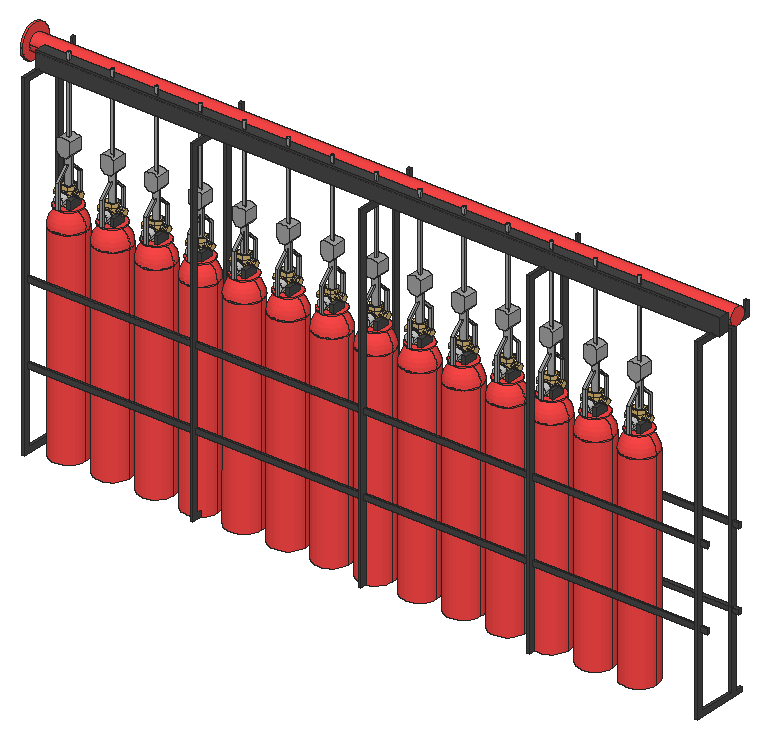
Revit family "Batería de cilindros pesaje continuo 80l en simple fila FK-5-1-12_Aguilera Extincion", category Equipos especializados, Revit 2019
Family settings
  Anfitrión = Suelo
  Cota de conector redondo = Radio de uso
  Tipo de pieza = Normal
  Número OmniClass = 23.65.20.14.24
  Título OmniClass = Other Gas Storage Vessels
  Siempre vertical = Sí
  Corte con vacíos al cargar = No
  Compartido = No
  Punto de cálculo de habitación = No
Parameters (values of type "Batería 14 cilindros FK-5-1-12 - 80 l")
  URL = "https://aguilera.es/?productos=sistemas-de-cilindros-de-6780-y-120l-con-pesaje-continuo-en-simple-fila"
  Símbolo texto = yes
  Símbolo = yes
  Rc2 = Radio colector * 2  # 127 mm
  Radio colector = Diámetro colector / 2  # 63.5 mm
  R = Diámetro / 2  # 133.5 mm
  Número soportes = 5
  Número de cilindros = 14
  Modelo = "AEX/FKBP080-14"
  Lt1 = Lt * 0.9  # 4907.7 mm
  Lt = 5453 mm
  Lci = D2 + 40 mm  # 380 mm
  Lcc = (Lt - 160 mm) / (Número soportes - 1)  # 1323.25 mm
  Lc = 340 mm  # constant formula
  Ht = Hc + Diámetro colector  # 2747 mm
  Fondo = 490 mm  # constant formula
  Fabricante = "Aguilera Extinción"  # constant formula
  Diámetro colector = 127 mm
  Descripción = "Batería formada con cilindros de 80 L. Fabricadas en acero tratado térmicamente sin soldadura (según Directiva Europea 84/525/CEE). Marcado π. Presión de trabajo 42 bar, presión de pruebas 250 bar, temperatura de servicio de -20 ºC a + 50 ºC. Grabadas y pintadas en color rojo (RAL 3002).\r\nEquipadas con:\r\n• Válvula de descarga. marcada CE según RD: 769/1999 Incluye:\r\n• Solenoide de disparo (Alimentación 24V y 500mA de consumo) (Cilindro piloto)\r\n• Actuador manual (Cilindro piloto).\r\n• Válvula de sobrepresión y disco de seguridad.\r\n• Válvula de alivio\r\n• Manómetro 42 bar con presostato. Certificado Vds\r\n• Latiguillos para el accionamiento neumático de disparo y latiguillos de descarga.\r\n• Colector de descarga (diámetro en función del cálculo hidráulico).\r\n• Válvulas retención.\r\n• Ensambladas en bastidor metálico con doble travesaño de fijación.\r\n• Los bastidores se fabrican para el montaje de cilindros en una o dos filas.\r\n• Sistema de pesaje continuo y bastidor metálico para su sujeción."  # constant formula
  Diámetro = 267 mm  # constant formula
  Hc = 2620 mm
  D2 = 340 mm  # constant formula
  D1 = Diámetro + 20 mm  # 287 mm
  Cilindro = Cilindros autonomos con pesaje continuo de 5 a 120l FK-5-1-12_Aguilera Extincion : Cilindro autónomo MH5112® (FK-5-1-12) - 80 l
Types (14, lengths in mm): name | Rc2 | Radio colector | Número soportes | Número de cilindros | Modelo | Lt1 | Lt | Lcc | Ht | Diámetro colector | Hc
  (no name) | 127 | 63.5 | 5 | 14 | "AEX/FKBP080-14" | 4907.7 | 5453 | 1323.25 | 2747 | 127 | 2620
  Batería 2 cilindros FK-5-1-12 - 80 l | 50.8 | 25.4 | 2 | 2 | "AEX/FKBP080-02" | 1155.6 | 1284 | 1124 | 2532.8 | 50.8 | 2482
  Batería 3 cilindros FK-5-1-12 - 80 l | 63.5 | 31.75 | 2 | 3 | "AEX/FKBP080-03" | 1476 | 1640 | 1480 | 2563.5 | 63.5 | 2500
  Batería 4 cilindros FK-5-1-12 - 80 l | 76.2 | 38.1 | 2 | 4 | "AEX/FKBP080-04" | 1782 | 1980 | 1820 | 2576.2 | 76.2 | 2500
  Batería 5 cilindros FK-5-1-12 - 80 l | 76.2 | 38.1 | 2 | 5 | "AEX/FKBP080-05" | 2116.8 | 2352 | 2192 | 2622.2 | 76.2 | 2546
  Batería 6 cilindros FK-5-1-12 - 80 l | 76.2 | 38.1 | 2 | 6 | "AEX/FKBP080-06" | 2422.8 | 2692 | 2532 | 2622.2 | 76.2 | 2546
  Batería 7 cilindros FK-5-1-12 - 80 l | 101.6 | 50.8 | 3 | 7 | "AEX/FKBP080-07" | 2728.8 | 3032 | 1436 | 2647.6 | 101.6 | 2546
  Batería 8 cilindros FK-5-1-12 - 80 l | 101.6 | 50.8 | 3 | 8 | "AEX/FKBP080-08" | 3057.3 | 3397 | 1618.5 | 2692.6 | 101.6 | 2591
  Batería 9 cilindros FK-5-1-12 - 80 l | 101.6 | 50.8 | 3 | 9 | "AEX/FKBP080-09" | 3363.3 | 3737 | 1788.5 | 2692.6 | 101.6 | 2591
  Batería 10 cilindros FK-5-1-12 - 80 l | 101.6 | 50.8 | 3 | 10 | "AEX/FKBP080-10" | 3669.3 | 4077 | 1958.5 | 2692.6 | 101.6 | 2591
  Batería 11 cilindros FK-5-1-12 - 80 l | 127 | 63.5 | 4 | 11 | "AEX/FKBP080-11" | 3989.7 | 4433 | 1424.333 | 2747 | 127 | 2620
  Batería 12 cilindros FK-5-1-12 - 80 l | 127 | 63.5 | 4 | 12 | "AEX/FKBP080-12" | 4295.7 | 4773 | 1537.667 | 2747 | 127 | 2620
  Batería 13 cilindros FK-5-1-12 - 80 l | 127 | 63.5 | 4 | 13 | "AEX/FKBP067-13" | 2619.99 | 2911.1 | 917.033 | 5240 | 127 | 5113
  Batería 14 cilindros FK-5-1-12 - 80 l | 127 | 63.5 | 5 | 14 | "AEX/FKBP080-14" | 4907.7 | 5453 | 1323.25 | 2747 | 127 | 2620
Reference planes
  plane 1 "Centro (Frontal/Posterior)": y = 0
  plane 2: z = 0
  plane 3 "Centro (Izquierda/Derecha)": x = 0
  plane 4: y = 133.5
  plane 5: z = 600
  plane 6: z = 1200
  plane 7: z = 1565
  plane 8: z = 1703.58
  plane 9: z = 1770
  plane 10: z = 2620
  plane 11: z = 2747
  plane 12: x = -600
  plane 13: x = 4853
  plane 14: y = 153.5
  plane 15: x = -440
  plane 16: y = 133.5
  plane 17: z = 2727
Forms (mm)
  Extrusion 1, solid, material "Acero rojo"
    sketch origin (0, 0, 0) x (0, 1, 0) y (0, 0, 1)
      loop
        circle (133.5, 2683.5) r 63.5
    from -600 to 4853
  Extrusion 2, solid, material "Acero rojo"
    sketch origin (0, 0, 0) x (0, 1, 0) y (0, 0, 1)
      loop
        circle (133.5, 2683.5) r 127
    from -600 to -582.73
  Extrusion 3, solid, material "Acero negro", detail levels fine
    sketch origin (-745.59, -6003.5, 600) x (-1, 0, 0) y (0, -1, 0)
      loop
        line (-5598.59, -5864.5) -> (-305.59, -5864.5) -> (-305.59, -5846.113) -> (-5598.59, -5846.113) -> (-5598.59, -5864.5)
    from 40 to 0
  Extrusion 4, solid, material "Acero negro", detail levels fine
    sketch origin (-745.59, -6003.5, 1200) x (-1, 0, 0) y (0, -1, 0)
      loop
        line (-5598.59, -5864.5) -> (-305.59, -5864.5) -> (-305.59, -5846.113) -> (-5598.59, -5846.113) -> (-5598.59, -5864.5)
    from 40 to 0
  Extrusion 5, solid, material "Acero negro", detail levels fine
    sketch origin (-745.59, -5683.5, 600) x (-1, 0, 0) y (0, -1, 0)
      loop
        line (-5598.59, -5854.5) -> (-305.59, -5854.5) -> (-305.59, -5834.5) -> (-5598.59, -5834.5) -> (-5598.59, -5854.5)
    from 40 to 0
  Extrusion 6, solid, material "Acero negro", detail levels fine
    sketch origin (-745.59, -5683.5, 1200) x (-1, 0, 0) y (0, -1, 0)
      loop
        line (-5598.59, -5854.5) -> (-305.59, -5854.5) -> (-305.59, -5834.5) -> (-5598.59, -5834.5) -> (-5598.59, -5854.5)
    from 40 to 0
  Extrusion 7, solid, material "Acero negro", detail levels fine
    sketch origin (-745.59, -5883.865, 2620) x (-1, 0, 0) y (0, -1, 0)
      loop
        line (-5598.59, -5925.118) -> (-305.59, -5925.118) -> (-305.59, -5842.613) -> (-5598.59, -5842.613) -> (-5598.59, -5925.118)
    from 127 to 0
Dimensions and locks
  plane 5 to plane 2 = 600 mm
  plane 6 to plane 2 = 1200 mm
  plane 9 to plane 2 = 1770 mm
  "Hc": plane 10 to plane 2
  locked: plane 9 to plane 8 at 66.42
  locked: plane 9 to plane 7 at 205
  "R": plane 1 "Centro (Frontal/Posterior)" to plane 4
  "Lt": plane 13 to plane 12
  "Ht": plane 11 to plane 2
  locked: plane 11 to plane 17 at 20
  "Ht": Extrusion 1 sketch curve to plane 2
  equal spacing: group 1, group 2, group 5, group 6, group 7, group 8, group 9, group 10, group 11, group 12, group 13, group 14, group 15, group 16  (x3)
  equal spacing: group 3, group 4, group 17, group 18, group 19  (x3)
  "Lcc": nested 5 to plane 15
  "Lci": nested 1 to plane 12
  equal spacing: plane 11, Extrusion 2 sketch curve, plane 10
  "Radio colector": radius of Extrusion 1 sketch curve
  "Rc2": radius of Extrusion 2 sketch curve
  aligned and locked: level to plane 2
  aligned and locked: Extrusion 1 to plane 12
  aligned and locked: plane 13 to Extrusion 1
  aligned and locked: Extrusion 2 to plane 12
  aligned and locked: Extrusion 3 sketch curve to plane 15
  aligned and locked: plane 13 to Extrusion 3 sketch curve
  aligned and locked: Extrusion 4 to plane 15
  aligned and locked: plane 13 to Extrusion 4
  aligned and locked: Extrusion 7 to plane 15
  aligned and locked: plane 13 to Extrusion 7
  aligned and locked: plane 11 to Extrusion 7
Automatic sketch dimensions
  plane 1 "Centro (Frontal/Posterior)" to Extrusion 3 sketch curve = 139 mm
  Extrusion 3 sketch curve to Extrusion 3 sketch curve = 18.387 mm
  Extrusion 4 sketch curve to plane 13 = 0 mm
  Extrusion 4 sketch curve to plane 15 = 0 mm
  plane 1 "Centro (Frontal/Posterior)" to Extrusion 4 sketch curve = 139 mm
  Extrusion 4 sketch curve to Extrusion 4 sketch curve = 18.387 mm
  plane 4 to Extrusion 5 sketch curve = 17.5 mm
  Extrusion 5 sketch curve to plane 13 = 0 mm
  Extrusion 5 sketch curve to plane 15 = 0 mm
  plane 14 to Extrusion 5 sketch curve = 17.5 mm
  plane 4 to Extrusion 6 sketch curve = 17.5 mm
  Extrusion 6 sketch curve to plane 13 = 0 mm
  Extrusion 6 sketch curve to plane 15 = 0 mm
  plane 14 to Extrusion 6 sketch curve = 17.5 mm
  plane 13 to Extrusion 7 sketch curve = 0 mm
  plane 15 to Extrusion 7 sketch curve = 0 mm
  Extrusion 7 sketch curve to plane 1 "Centro (Frontal/Posterior)" = 41.252 mm
  Extrusion 7 sketch curve to Extrusion 7 sketch curve = 82.504 mm
  Extrusion 1 sketch curve to plane 4 = 0 mm
  Extrusion 2 sketch curve to plane 4 = 0 mm
Nested families
  nested 1: "Cilindros autonomos con pesaje continuo de 5 a 120l FK-5-1-12_Aguilera Extincion" at (-220, 0, 0), type <- "Cilindro", type "Cilindro autónomo MH5112® (FK-5-1-12) - 80 l"
    with Soporte no
  nested 2: "Cilindros autonomos con pesaje continuo de 5 a 120l FK-5-1-12_Aguilera Extincion" at (120, 0, 0), type <- "Cilindro", type "Cilindro autónomo MH5112® (FK-5-1-12) - 80 l"
    with Soporte no
  nested 3: "S_Cilindros_Aguilera Extinción" at (0, 0, 0), visible <- "Símbolo", type "S_Cilindros_Aguilera Extinción", detail levels coarse
  nested 4: "Soporte suelo - pesaje" at (-440, 7.5, 0), type "Soporte suelo - pesaje"
    with Ht 2620 mm, D 287 mm
  nested 5: "Soporte suelo - pesaje" at (863.25, 7.5, 0), type "Soporte suelo - pesaje"
    with Ht 2620 mm, D 287 mm
  nested 6: "Cilindros autonomos con pesaje continuo de 5 a 120l FK-5-1-12_Aguilera Extincion" at (460, 0, 0), type <- "Cilindro", type "Cilindro autónomo MH5112® (FK-5-1-12) - 80 l"
    with Soporte no
  nested 7: "Cilindros autonomos con pesaje continuo de 5 a 120l FK-5-1-12_Aguilera Extincion" at (800, 0, 0), type <- "Cilindro", type "Cilindro autónomo MH5112® (FK-5-1-12) - 80 l"
    with Soporte no
  nested 8: "Cilindros autonomos con pesaje continuo de 5 a 120l FK-5-1-12_Aguilera Extincion" at (1140, 0, 0), type <- "Cilindro", type "Cilindro autónomo MH5112® (FK-5-1-12) - 80 l"
    with Soporte no
  nested 9: "Cilindros autonomos con pesaje continuo de 5 a 120l FK-5-1-12_Aguilera Extincion" at (1480, 0, 0), type <- "Cilindro", type "Cilindro autónomo MH5112® (FK-5-1-12) - 80 l"
    with Soporte no
  nested 10: "Cilindros autonomos con pesaje continuo de 5 a 120l FK-5-1-12_Aguilera Extincion" at (1820, 0, 0), type <- "Cilindro", type "Cilindro autónomo MH5112® (FK-5-1-12) - 80 l"
    with Soporte no
  nested 11: "Cilindros autonomos con pesaje continuo de 5 a 120l FK-5-1-12_Aguilera Extincion" at (2160, 0, 0), type <- "Cilindro", type "Cilindro autónomo MH5112® (FK-5-1-12) - 80 l"
    with Soporte no
  nested 12: "Cilindros autonomos con pesaje continuo de 5 a 120l FK-5-1-12_Aguilera Extincion" at (2500, 0, 0), type <- "Cilindro", type "Cilindro autónomo MH5112® (FK-5-1-12) - 80 l"
    with Soporte no
  nested 13: "Cilindros autonomos con pesaje continuo de 5 a 120l FK-5-1-12_Aguilera Extincion" at (2840, 0, 0), type <- "Cilindro", type "Cilindro autónomo MH5112® (FK-5-1-12) - 80 l"
    with Soporte no
  nested 14: "Cilindros autonomos con pesaje continuo de 5 a 120l FK-5-1-12_Aguilera Extincion" at (3180, 0, 0), type <- "Cilindro", type "Cilindro autónomo MH5112® (FK-5-1-12) - 80 l"
    with Soporte no
  nested 15: "Cilindros autonomos con pesaje continuo de 5 a 120l FK-5-1-12_Aguilera Extincion" at (3520, 0, 0), type <- "Cilindro", type "Cilindro autónomo MH5112® (FK-5-1-12) - 80 l"
    with Soporte no
  nested 16: "Cilindros autonomos con pesaje continuo de 5 a 120l FK-5-1-12_Aguilera Extincion" at (3860, 0, 0), type <- "Cilindro", type "Cilindro autónomo MH5112® (FK-5-1-12) - 80 l"
    with Soporte no
  nested 17: "Cilindros autonomos con pesaje continuo de 5 a 120l FK-5-1-12_Aguilera Extincion" at (4200, 0, 0), type <- "Cilindro", type "Cilindro autónomo MH5112® (FK-5-1-12) - 80 l"
    with Soporte no
  nested 18: "Soporte suelo - pesaje" at (2166.5, 7.5, 0), type "Soporte suelo - pesaje"
    with Ht 2620 mm, D 287 mm
  nested 19: "Soporte suelo - pesaje" at (3469.75, 7.5, 0), type "Soporte suelo - pesaje"
    with Ht 2620 mm, D 287 mm
  nested 20: "Soporte suelo - pesaje" at (4773, 7.5, 0), type "Soporte suelo - pesaje"
    with Ht 2620 mm, D 287 mm
Connectors
  piping at (-600, 133.5, 2683.5), diameter 127, driven by "Radio colector"
    settings: on Extrusion 1, index 1, connector inside diameter 609.6 mm, connector length 0 mm, flow factor 0, pipe flow 0.0 L/s, pressure drop 0.0 Pa, fitting loss kfactor 0, connector angle 0.00°, fixture units 0, engagement length 0 mm, angle of deflection 0.00°, flow configuration 0, flow direction 0, fitting loss method 0, system type 28, joint type 0, gender type 0, connector reference index -1, connector utility 0, adjustable connector no, is connector primary yes, connector description ""
Definition of nested family "Cilindros autonomos con pesaje continuo de 5 a 120l FK-5-1-12_Aguilera Extincion"
  Parameters (values of type "Cilindro autónomo MH5112® (FK-5-1-12) - 120 l")
    URL = "https://aguilera.es/?productos=botellas-autonomas-de-14-a-345-l"
    Símbolo texto = yes
    Símbolo = yes
    Soporte = yes
    R3 = 21.9 mm
    R = Diámetro / 2  # 177.277 mm
    Model = "AEX/FK120"
    L1 = 536 mm
    Hd = 1700 mm
    H2 = 850 mm
    Manufacturer = "Aguilera Extinción"  # constant formula
    Description = "Cilindro de alta presión, fabricado en acero aleado tratado térmicamente sin soldadura (según Directiva Europea 84/525/CEE). Marcado π Presión de trabajo de 42 y 50 bar, presión de pruebas 250 bar, temperatura de servicio de -20ºC a +50ºC, grabados y pintados en color rojo (RAL 3002).\r\nEquipado con:\r\n• Válvula de descarga. Marcada CE según RD: 769/1999. Incluye:\r\n• Solenoide de disparo. (Alimentación 24V y 500mA de consumo)\r\n• Válvula de sobrepresión y disco de seguridad.\r\n• Válvula de alivio.\r\n• Manómetro 42 bar con presostato. Certificado Vds\r\n• Actuador manual\r\n• Herrajes de fijación.\r\n• Brida y caperuza protectora de la válvula y sus accesorios."  # constant formula
    Diámetro = 354.555 mm
    H = 1780 mm
    Aux_R = R / 2  # 88.639 mm
  Types (8, lengths in mm): name | R | Model | L1 | Hd | H2 | Diámetro | H | Aux_R
    (no name) | 177.277 | "AEX/FK120" | 536 | 1700 | 850 | 354.555 | 1780 | 88.639
    Cilindro autónomo MH5112® (FK-5-1-12) - 80 l | 133.5 | "AEX/FK080" | 402 | 1800 | 900 | 267 | 1880 | 66.75
    Cilindro autónomo MH5112® (FK-5-1-12) - 120 l | 177.277 | "AEX/FK120" | 536 | 1700 | 850 | 354.555 | 1780 | 88.639
    Cilindro autónomo MH5112® (FK-5-1-12) - 67 l | 133.5 | "AEX/FK067" | 402 | 1600 | 800 | 267 | 1680 | 66.75
    Cilindro autónomo MH5112® (FK-5-1-12) - 40,2 l | 114.5 | "AEX/FK040" | 364 | 1300 | 650 | 229 | 1380 | 57.25
    Cilindro autónomo MH5112® (FK-5-1-12) - 26,8 l | 146.623 | "AEX/FK026" | 364 | 1000 | 500 | 293.247 | 1080 | 73.312
    Cilindro autónomo MH5112® (FK-5-1-12) - 13,4 l | 70 | "AEX/FK013" | 274 | 1100 | 550 | 140 | 1180 | 35
    Cilindro autónomo MH5112® (FK-5-1-12) - 5 l | 70 | "AEX/FK005" | 274 | 500 | 250 | 140 | 580 | 35
  Reference planes
    plane 1 "Centro (Frontal/Posterior)": y = 0
    plane 2: z = 0
    plane 3 "Centro (Izquierda/Derecha)": x = 0
    plane 4: y = 177.277
    plane 5: z = 850
    plane 6: z = 1495
    plane 7: z = 1633.58
    plane 8: z = 1700
    plane 9: z = 1780
    plane 10: x = -100
    plane 11: x = -177.277
    plane 12: x = 177.277
    plane 13: x = -177.277
    plane 14: x = 177.277
    plane 15: x = -40
  Forms (mm)
    Extrusion 1, solid, detail levels medium+fine
      sketch origin (0, 0, 0) x (1, 0, 0) y (0, 1, 0)
        loop
          circle (0, 0) r 177.277
      from 0 to 1495
    Extrusion 2, solid, detail levels medium+fine
      sketch origin (-745.59, -6000, 1633.58) x (-1, 0, 0) y (0, -1, 0)
        loop
          circle (-745.59, -6000) r 40
      from 0 to 146.42
    Extrusion 3, solid, detail levels medium+fine
      sketch origin (-70, 0, 0) x (0, -1, 0) y (0, 0, 1)
        loop
          circle (0, 1700) r 25
      from -117.506 to -12.56
    Revolve 4, solid, detail levels medium+fine
      sketch origin (0, 0, 0) x (1, 0, 0) y (0, 0, 1)
        loop
          line (0, 1633.58) -> (-40, 1633.58)
          arc (-40, 1633.58) -> (-137.098, 1593.066) -> (-177.277, 1495.829) r 137.752
          line (-177.277, 1495.829) -> (-177.277, 1495) -> (0, 1495) -> (0, 1633.58)
        axis (0, 1633.58) -> (0, 1495)
      angle from 0 to 360
    Extrusion 5, solid, visible <- "Soporte", detail levels fine
      sketch origin (-745.59, -6000, 850) x (-1, 0, 0) y (0, -1, 0)
        loop
          line (-500.812, -6197.277) -> (-500.812, -6177.277) -> (-566.312, -6177.277) -> (-566.312, -6000)
          arc (-566.312, -6000) -> (-745.59, -5820.723) -> (-924.867, -6000) r 179.277
          line (-924.867, -6000) -> (-924.867, -6177.277) -> (-990.367, -6177.277) -> (-990.367, -6197.277) -> (-500.812, -6197.277)
        loop
          arc (-568.312, -6000) -> (-745.59, -5822.723) -> (-922.867, -6000) r 177.277
          line (-922.867, -6000) -> (-922.867, -6177.277) -> (-568.312, -6177.277) -> (-568.312, -6000)
      from 20 to -20
    Extrusion 6, solid, detail levels fine
      sketch origin (-745.59, -6000, 1633.58) x (-1, 0, 0) y (0, -1, 0)
        loop
          circle (-745.59, -6000) r 100
      from 0 to 5.101
    Extrusion 7, solid, detail levels medium+fine
      sketch origin (-745.59, -6000, 1780) x (-1, 0, 0) y (0, -1, 0)
        loop
          line (-769.342, -6041.141) -> (-721.837, -6041.141) -> (-698.084, -6000) -> (-721.837, -5958.859) -> (-769.342, -5958.859) -> (-793.095, -6000) -> (-769.342, -6041.141)
      from 0 to -30.23
    Extrusion 8, solid, detail levels medium+fine
      sketch origin (0.001, -69.978, 0) x (1, 0.000332, 0) y (0, 0, 1)
        loop
          circle (0, 1700) r 35
      from -70 to -28.863
    Extrusion 9, solid, detail levels medium+fine
      sketch origin (-145, 0, 0) x (0, -1, 0) y (0, 0, 1)
        loop
          circle (0, 1700) r 20
        loop
          circle (0, 1700) r 15
      from -87.56 to -45
    Extrusion 10, solid, detail levels medium+fine
      sketch origin (0.001, -127.334, 0) x (1, 0.000332, 0) y (0, 0, 1)
        loop
          circle (0, 1700) r 30
      from -86.218 to -73.878
    Extrusion 11, solid, detail levels medium+fine
      sketch origin (0.001, -157.335, 0) x (1, 0.000332, 0) y (0, 0, 1)
        loop
          circle (0, 1700) r 35
      from -103.928 to -58.906
    Extrusion 12, solid, detail levels fine
      sketch origin (-27.334, -0.23, 26.684) x (0.000332, -1, 0) y (0, 0, 1)
        loop
          circle (-0.222, 1705.463) r 15
      from -108.689 to -58.467
    Extrusion 13, solid, detail levels fine
      sketch origin (146.623, 655.396, 4006.684) x (0, 1, 0) y (0, 0, 1)
        loop
          line (-666.922, -2254.537) -> (-678.469, -2274.537) -> (-666.922, -2294.537) -> (-643.828, -2294.537) -> (-632.281, -2274.537) -> (-643.828, -2254.537) -> (-666.922, -2254.537)
      from -98.997 to -83.977
    Extrusion 14, solid, detail levels fine
      sketch origin (146.623, 655.396, 4006.684) x (0, 1, 0) y (0, 0, 1)
        loop
          line (-666.922, -2254.537) -> (-678.469, -2274.537) -> (-666.922, -2294.537) -> (-643.828, -2294.537) -> (-632.281, -2274.537) -> (-643.828, -2254.537) -> (-666.922, -2254.537)
      from -65.269 to -49.269
    Extrusion 15, solid, detail levels fine
      sketch origin (-100, 837.763, 4000) x (0, 1, 0) y (0, 0, 1)
        loop
          line (-820.012, -2283.976) -> (-917.735, -2283.976) -> (-917.735, -2343.976) -> (-820.012, -2343.976) -> (-820.012, -2283.976)
      from 147.506 to 176.533
    Extrusion 16, solid, detail levels fine
      sketch origin (0.458, 0, 109.909) x (0, -1, 0) y (0, 0, 1)
        loop
          line (-109.5, 1533.58) -> (-99.5, 1533.58) -> (-99.5, 1719.44) -> (0, 1818.94) -> (99.5, 1719.44) -> (99.5, 1533.58) -> (109.5, 1533.58) -> (109.5, 1723.598) -> (0, 1833.089) -> (-109.5, 1723.58) -> (-109.5, 1533.58)
      from -10 to 10
    Revolve 17, solid, detail levels fine
      sketch origin (0, 0, 109.909) x (1, 0, 0) y (0, 0, 1)
        loop
          line (-0.458, 1670.091) -> (-0.458, 1871.932) -> (-22.358, 1871.932) -> (-22.358, 1670.091) -> (-0.458, 1670.091)
        axis (0, 1670.091) -> (0, 1871.932)
      angle from 0 to 360
    Extrusion 18, solid, detail levels fine
      sketch origin (0.458, 0, 109.909) x (1, 0, 0) y (0, 0, 1)
        loop
          line (-22.358, 1871.932) -> (22.358, 1871.932) -> (50.643, 1900.216) -> (50.643, 1990.216)
          arc (50.643, 1990.216) -> (0, 2004.288) -> (-50.643, 1990.216) r 98.162
          line (-50.643, 1990.216) -> (-50.643, 1900.216) -> (-22.358, 1871.932)
      from -50 to 50
    Revolve 19, solid, detail levels fine
      sketch origin (0.458, 0, 109.909) x (1, 0, 0) y (0, 0, 1)
        loop
          line (0, 1932.562) -> (0, 2585.441) -> (-10, 2585.441) -> (-10, 1932.562) -> (0, 1932.562)
        axis (0, 1932.562) -> (0, 2585.441)
      angle from 0 to 360
    Extrusion 20, solid, not visible, detail levels fine
      sketch origin (0.458, 0, 110) x (0, -1, 0) y (0, 0, 1)
        loop
          line (-109.5, 1533.58) -> (-99.5, 1533.58) -> (-99.5, 1719.44) -> (0, 1818.94) -> (99.5, 1719.44) -> (99.5, 1533.58) -> (109.5, 1533.58) -> (109.5, 1723.598) -> (0, 1833.089) -> (-109.5, 1723.58) -> (-109.5, 1533.58)
      from -10 to 10
    Revolve 21, solid, not visible, detail levels fine
      sketch origin (0, 0, 110) x (1, 0, 0) y (0, 0, 1)
        loop
          line (-0.458, 1670.091) -> (-0.458, 1871.932) -> (-22.358, 1871.932) -> (-22.358, 1670.091) -> (-0.458, 1670.091)
        axis (0, 1670.091) -> (0, 1871.932)
      angle from 0 to 360
    Extrusion 22, solid, not visible, detail levels fine
      sketch origin (0.458, 0, 110) x (1, 0, 0) y (0, 0, 1)
        loop
          line (-22.358, 1871.932) -> (22.358, 1871.932) -> (50.643, 1900.216) -> (50.643, 1990.216)
          arc (50.643, 1990.216) -> (0, 2004.288) -> (-50.643, 1990.216) r 98.162
          line (-50.643, 1990.216) -> (-50.643, 1900.216) -> (-22.358, 1871.932)
      from -50 to 50
    Revolve 23, solid, not visible, detail levels fine
      sketch origin (0.458, 0, 110) x (1, 0, 0) y (0, 0, 1)
        loop
          line (0, 1932.562) -> (0, 2585.441) -> (-10, 2585.441) -> (-10, 1932.562) -> (0, 1932.562)
        axis (0, 1932.562) -> (0, 2585.441)
      angle from 0 to 360
  Lines and regions (mm)
    symbolic lines
      curve 1: line (0, 217.277, 0) -> (0, 177.277, 0)
      curve 2: line (-25, 197.277, 0) -> (25, 197.277, 0)
      curve 3: circle (0, 197.277, 0) r 15 normal (0, 0, 1)
  Dimensions and locks
    "H2": plane 5 to plane 2
    "Hd": plane 8 to plane 2
    "H": plane 9 to plane 2
    locked: plane 10 to plane 3 "Centro (Izquierda/Derecha)" at 100
    equal spacing: plane 11, plane 3 "Centro (Izquierda/Derecha)", plane 12
    "Diámetro": plane 11 to plane 12
    locked: plane 8 to plane 7 at 66.42
    locked: plane 8 to plane 6 at 205
    "R": plane 1 "Centro (Frontal/Posterior)" to plane 4
    equal spacing: plane 13, plane 3 "Centro (Izquierda/Derecha)", plane 14
    "Diámetro": plane 13 to plane 14
    equal spacing: Extrusion 5 sketch curve, plane 3 "Centro (Izquierda/Derecha)", Extrusion 5 sketch curve
    "R": Revolve 4 sketch curve to Revolve 4 sketch curve
    locked: Revolve 4 sketch curve to Revolve 4 sketch curve at 0.829
    locked: Extrusion 16 sketch curve to Extrusion 16 sketch curve at 10  (x2)
    "R3": Revolve 17 sketch curve to Revolve 17 sketch curve
    locked: Extrusion 20 sketch curve to Extrusion 20 sketch curve at 10  (x2)
    "R3": Revolve 21 sketch curve to Revolve 21 sketch curve
    locked: Revolve 17 to plane 9 at 0
    "Diámetro": diameter of Extrusion 1 sketch curve
    aligned and locked: level to plane 2
    aligned and locked: plane 6 to Extrusion 1
    aligned and locked: plane 9 to Extrusion 2
    aligned and locked: Extrusion 2 to plane 7
    aligned and locked: Revolve 4 sketch curve to plane 3 "Centro (Izquierda/Derecha)"  (x2)
    aligned and locked: Extrusion 5 sketch curve to Extrusion 5 sketch curve  (x2)
    aligned and locked: Extrusion 5 sketch curve to plane 4
    aligned and locked: Extrusion 5 sketch curve to plane 14
    aligned and locked: Extrusion 5 sketch curve to plane 13
    aligned and locked: Revolve 4 sketch curve to plane 6
    aligned and locked: plane 15 to Extrusion 2
    aligned and locked: plane 15 to Revolve 4 sketch curve
    aligned and locked: Extrusion 9 to plane 10
    aligned and locked: Extrusion 15 to Extrusion 3
    aligned and locked: Revolve 17 to Extrusion 18 sketch curve
    aligned and locked: Revolve 21 to Extrusion 22 sketch curve
  Automatic sketch dimensions
    curve 1 to plane 3 "Centro (Izquierda/Derecha)" = 0 mm
    curve 3 to plane 3 "Centro (Izquierda/Derecha)" = 0 mm
    curve 1 to plane 4 = 0 mm
    curve 1 to curve 3 = 20 mm
    curve 2 to plane 3 "Centro (Izquierda/Derecha)" = 25 mm
    plane 3 "Centro (Izquierda/Derecha)" to curve 2 = 25 mm
    plane 4 to curve 2 = 20 mm
    curve 3 to curve 1 = 20 mm
    plane 1 "Centro (Frontal/Posterior)" to Extrusion 2 sketch curve = 0 mm
    Extrusion 2 sketch curve to plane 3 "Centro (Izquierda/Derecha)" = 0 mm
    Extrusion 3 sketch curve to plane 1 "Centro (Frontal/Posterior)" = 0 mm
    Extrusion 3 sketch curve to plane 8 = 0 mm
    plane 1 "Centro (Frontal/Posterior)" to Extrusion 6 sketch curve = 0 mm
    Extrusion 6 sketch curve to plane 3 "Centro (Izquierda/Derecha)" = 0 mm
    plane 1 "Centro (Frontal/Posterior)" to Extrusion 7 sketch curve = 0 mm  (x2)
    plane 3 "Centro (Izquierda/Derecha)" to Extrusion 7 sketch curve = 47.506 mm
    plane 3 "Centro (Izquierda/Derecha)" to Extrusion 7 sketch curve = 23.753 mm  (x2)
    Extrusion 7 sketch curve to plane 3 "Centro (Izquierda/Derecha)" = 23.753 mm  (x2)
    Extrusion 7 sketch curve to Extrusion 7 sketch curve = 23.753 mm
    Extrusion 7 sketch curve to plane 1 "Centro (Frontal/Posterior)" = 41.141 mm
    plane 1 "Centro (Frontal/Posterior)" to Extrusion 7 sketch curve = 41.141 mm
    Extrusion 8 sketch curve to plane 8 = 0 mm
    Extrusion 9 sketch curve to Extrusion 9 sketch curve = 0 mm  (x2)
    Extrusion 9 sketch curve to plane 1 "Centro (Frontal/Posterior)" = 0 mm
    Extrusion 9 sketch curve to plane 8 = 0 mm
    Extrusion 10 sketch curve to plane 8 = 0 mm
    Extrusion 11 sketch curve to plane 8 = 0 mm
    plane 8 to Extrusion 12 sketch curve = 32.147 mm
    plane 1 "Centro (Frontal/Posterior)" to Extrusion 13 sketch curve = 23.073 mm
    plane 1 "Centro (Frontal/Posterior)" to Extrusion 13 sketch curve = 11.526 mm  (x2)
    Extrusion 13 sketch curve to plane 1 "Centro (Frontal/Posterior)" = 11.568 mm  (x2)
    Extrusion 13 sketch curve to Extrusion 13 sketch curve = 11.547 mm
    plane 8 to Extrusion 13 sketch curve = 12.147 mm
    Extrusion 13 sketch curve to Extrusion 13 sketch curve = 20 mm  (x3)
    plane 1 "Centro (Frontal/Posterior)" to Extrusion 14 sketch curve = 23.073 mm
    plane 1 "Centro (Frontal/Posterior)" to Extrusion 14 sketch curve = 11.526 mm  (x2)
    Extrusion 14 sketch curve to plane 1 "Centro (Frontal/Posterior)" = 11.568 mm  (x2)
    Extrusion 14 sketch curve to Extrusion 14 sketch curve = 11.547 mm
    plane 8 to Extrusion 14 sketch curve = 12.147 mm
    Extrusion 14 sketch curve to Extrusion 14 sketch curve = 20 mm  (x3)
    plane 8 to Extrusion 15 sketch curve = 16.024 mm
    plane 1 "Centro (Frontal/Posterior)" to Extrusion 15 sketch curve = 79.972 mm
    Extrusion 15 sketch curve to plane 1 "Centro (Frontal/Posterior)" = 17.752 mm
    plane 7 to Extrusion 15 sketch curve = 22.444 mm
    Revolve 17 sketch curve to Revolve 17 sketch curve = 201.841 mm
    Revolve 17 sketch curve to Revolve 17 sketch curve = 93.068 mm
    Extrusion 18 sketch curve to Extrusion 18 sketch curve = 28.284 mm  (x4)
    Extrusion 18 sketch curve to Extrusion 18 sketch curve = 34.194 mm
    Extrusion 18 sketch curve to Extrusion 18 sketch curve = 90 mm
    Revolve 19 sketch curve to Revolve 19 sketch curve = 652.879 mm
    Revolve 19 sketch curve to Revolve 19 sketch curve = 78.622 mm
    Revolve 19 sketch curve to Revolve 19 sketch curve = 191.501 mm
    Revolve 17 sketch curve to Revolve 17 sketch curve = 0.458 mm
    Revolve 17 sketch curve to Revolve 17 sketch curve = 10.091 mm
    Extrusion 18 sketch curve to Extrusion 18 sketch curve = 22.358 mm  (x2)
    Revolve 19 sketch curve to Revolve 19 sketch curve = 10 mm
    Revolve 19 sketch curve to Revolve 19 sketch curve = 0 mm
    Revolve 21 sketch curve to Revolve 21 sketch curve = 201.841 mm
    Revolve 21 sketch curve to Revolve 21 sketch curve = 93.068 mm
    Extrusion 22 sketch curve to Extrusion 22 sketch curve = 28.284 mm  (x4)
    Extrusion 22 sketch curve to Extrusion 22 sketch curve = 34.194 mm
    Extrusion 22 sketch curve to Extrusion 22 sketch curve = 90 mm
    Revolve 23 sketch curve to Revolve 23 sketch curve = 652.879 mm
    Revolve 23 sketch curve to Revolve 23 sketch curve = 78.622 mm
    Revolve 23 sketch curve to Revolve 23 sketch curve = 191.501 mm
    Revolve 21 sketch curve to Revolve 21 sketch curve = 0.458 mm
    Revolve 21 sketch curve to Revolve 21 sketch curve = 10.091 mm
    Extrusion 22 sketch curve to Extrusion 22 sketch curve = 22.358 mm  (x2)
    Revolve 23 sketch curve to Revolve 23 sketch curve = 10 mm
    Revolve 23 sketch curve to Revolve 23 sketch curve = 0 mm
    Extrusion 16 sketch curve to Extrusion 16 sketch curve = 99.5 mm  (x2)
    Extrusion 16 sketch curve to Extrusion 16 sketch curve = 0 mm  (x2)
    Extrusion 16 sketch curve to Extrusion 16 sketch curve = 185.86 mm  (x2)
    Extrusion 16 sketch curve to Extrusion 16 sketch curve = 4.139 mm
    Extrusion 16 sketch curve to Extrusion 16 sketch curve = 4.157 mm
    Extrusion 20 sketch curve to Extrusion 20 sketch curve = 99.5 mm  (x2)
    Extrusion 20 sketch curve to Extrusion 20 sketch curve = 0 mm  (x2)
    Extrusion 20 sketch curve to Extrusion 20 sketch curve = 185.86 mm  (x2)
    Extrusion 20 sketch curve to Extrusion 20 sketch curve = 4.139 mm
    Extrusion 20 sketch curve to Extrusion 20 sketch curve = 4.157 mm
    plane 1 "Centro (Frontal/Posterior)" to Extrusion 1 sketch curve = 0 mm
    Extrusion 1 sketch curve to plane 3 "Centro (Izquierda/Derecha)" = 0 mm
    Revolve 4 sketch curve to plane 7 = 0 mm
    plane 5 to Revolve 4 sketch curve = 8.628 mm
    Revolve 4 sketch curve to plane 8 = 6 mm
    Extrusion 5 sketch curve to Extrusion 5 sketch curve = 0 mm  (x2)
    plane 1 "Centro (Frontal/Posterior)" to Extrusion 5 sketch curve = 0 mm
    Extrusion 5 sketch curve to plane 14 = 2 mm
    Extrusion 5 sketch curve to Extrusion 5 sketch curve = 65.5 mm
    Extrusion 5 sketch curve to Extrusion 5 sketch curve = 20 mm
    radius of curve 3 = 15 mm
    radius of Extrusion 2 sketch curve = 40 mm
    radius of Extrusion 3 sketch curve = 25 mm
    radius of Extrusion 6 sketch curve = 100 mm
    radius of Extrusion 8 sketch curve = 35 mm
    radius of Extrusion 9 sketch curve = 20 mm
    radius of Extrusion 9 sketch curve = 15 mm
    radius of Extrusion 10 sketch curve = 30 mm
    radius of Extrusion 11 sketch curve = 35 mm
    radius of Extrusion 12 sketch curve = 15 mm
  Nested families
    nested 1: "S_Cilindro_Aguilera Extinción" at (0, 0, 0), visible <- "Símbolo", type "S_Cilindro_Aguilera Extinción", detail levels coarse
  Definition of nested family "S_Cilindro_Aguilera Extinción"
    Parameters (values of type "S_Cilindro_Aguilera Extinción")
      Texto símbolo = "Cilindros"
      Texto modelo = yes
      Modelo = "Cilindros"
    Reference planes
      plane 1: y = 0
      plane 2: x = 0
    Lines and regions (mm)
      detail lines
        curve 1: line (-1.703, -1.659, 0) -> (1.659, -1.659, 0)
        curve 2: line (-1.703, 1.659, 0) -> (-1.703, -1.659, 0)
        curve 3: line (1.659, 1.659, 0) -> (-1.703, 1.659, 0)
        curve 4: line (1.659, -1.659, 0) -> (1.659, 1.659, 0)
        curve 5: circle (0, 0, 0) r 1.659 normal (0, 0, 1)
    Text (mm)
      label "Texto símbolo" at (-0.164, 3.111, 0), shows "Texto símbolo"
      label "Modelo" at (-0.164, -2.652, 0), shows "Modelo", visible <- "Texto modelo"
Definition of nested family "Soporte suelo - pesaje"
  Parameters (values of type "Soporte suelo - pesaje")
    L1 = 490 mm
    Ht = 2057 mm
    D = 292 mm
  Reference planes
    plane 1 "Centro (Frontal/Posterior)": y = 0
    plane 2: z = 0
    plane 3 "Centro (Izquierda/Derecha)": x = 0
    plane 4: z = 2057
    plane 5: y = -146
    plane 6: y = -186
    plane 7: z = 2017
    plane 8: z = 40
    plane 9: y = 186
    plane 10: y = 146
    plane 11: y = 304
    plane 12: y = 245
  Forms (mm)
    Extrusion 1, solid, detail levels medium+fine
      sketch origin (0, 0, 0) x (0, 1, 0) y (0, 0, 1)
        loop
          line (245, 0) -> (245, 40) -> (186, 40) -> (186, 2017) -> (304, 2017) -> (304, 2132) -> (284, 2132) -> (284, 2057) -> (-186, 2057) -> (-186, 0) -> (245, 0)
        loop
          line (146, 40) -> (146, 2017) -> (-146, 2017) -> (-146, 40) -> (146, 40)
      from 0 to 20
  Lines and regions (mm)
    symbolic lines
      curve 1: line (0, 142.5, 0) -> (0, 102.5, 0)
      curve 2: line (-25, 122.5, 0) -> (25, 122.5, 0)
      curve 3: circle (0, 122.5, 0) r 15 normal (0, 0, 1)
  Dimensions and locks
    "Ht": plane 4 to plane 2
    locked: plane 8 to plane 2 at 40
    locked: plane 4 to plane 7 at 40
    "D": plane 10 to plane 5
    locked: plane 9 to plane 10 at 40
    locked: plane 5 to plane 6 at 40
    equal spacing: plane 10, plane 1 "Centro (Frontal/Posterior)", plane 5
    "L1": plane 11 to plane 6
    equal spacing: plane 11, plane 12, plane 9
    aligned and locked: level to plane 2
    aligned and locked: level to Extrusion 1 sketch curve
    aligned and locked: Extrusion 1 sketch curve to plane 6
    aligned and locked: Extrusion 1 sketch curve to plane 4
    aligned and locked: Extrusion 1 sketch curve to plane 8  (x2)
    aligned and locked: Extrusion 1 sketch curve to plane 5
    aligned and locked: plane 7 to Extrusion 1 sketch curve
    aligned and locked: Extrusion 1 sketch curve to plane 10
    aligned and locked: Extrusion 1 sketch curve to plane 9
    aligned and locked: Extrusion 1 sketch curve to plane 7
    aligned and locked: plane 11 to Extrusion 1 sketch curve
    aligned and locked: plane 12 to Extrusion 1 sketch curve
  Automatic sketch dimensions
    curve 2 to plane 1 "Centro (Frontal/Posterior)" = 122.5 mm
    curve 3 to plane 1 "Centro (Frontal/Posterior)" = 122.5 mm
    curve 3 to plane 3 "Centro (Izquierda/Derecha)" = 0 mm
    curve 1 to curve 3 = 0 mm
    curve 2 to curve 3 = 25 mm
    curve 3 to curve 2 = 25 mm
    curve 1 to plane 1 "Centro (Frontal/Posterior)" = 102.5 mm
    curve 1 to plane 1 "Centro (Frontal/Posterior)" = 142.5 mm
    plane 11 to Extrusion 1 sketch curve = 20 mm
    plane 4 to Extrusion 1 sketch curve = 75 mm
    radius of curve 3 = 15 mm
Definition of nested family "S_Cilindros_Aguilera Extinción"
  Parameters (values of type "S_Cilindros_Aguilera Extinción")
    Texto símbolo = "Cilindros"
    Texto modelo = yes
    Modelo = "Cilindros"
  Reference planes
    plane 1: y = 0
    plane 2: x = 0
  Lines and regions (mm)
    detail lines
      curve 1: line (-6.666, -1.659, 0) -> (6.654, -1.659, 0)
      curve 2: line (-6.666, 1.659, 0) -> (-6.666, -1.659, 0)
      curve 3: line (6.654, 1.659, 0) -> (-6.666, 1.659, 0)
      curve 4: line (6.654, -1.659, 0) -> (6.654, 1.659, 0)
      curve 5: circle (-4.976, 0, 0) r 1.659 normal (0, 0, 1)
      curve 6: circle (-1.659, 0, 0) r 1.659 normal (0, 0, 1)
      curve 7: circle (1.659, 0, 0) r 1.659 normal (0, 0, 1)
      curve 8: circle (4.976, 0, 0) r 1.659 normal (0, 0, 1)
  Text (mm)
    label "Texto símbolo" at (-0.164, 3.111, 0), shows "Texto símbolo"
    label "Modelo" at (-0.164, -2.652, 0), shows "Modelo", visible <- "Texto modelo"
